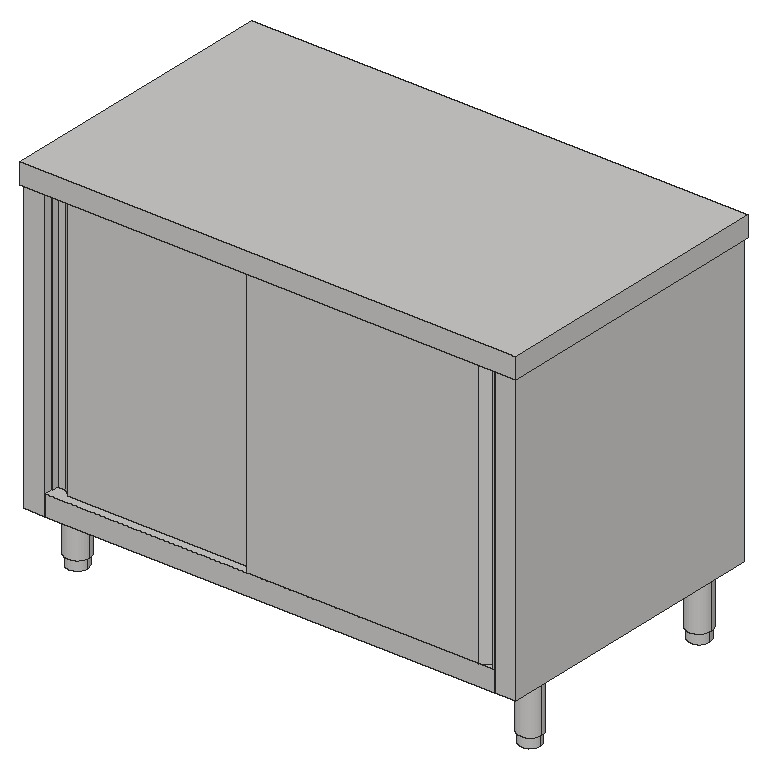
Revit family "QF_ELECTROLUXPROFESSIONAL_132771_MTN1200PN", category Specialty Equipment, Revit 2021
Family settings
  Round Connector Dimension = Use Diameter
  Part Type = Normal
  Work Plane-Based = No
  Always vertical = Yes
  Cut with Voids When Loaded = No
  Shared = No
  Room Calculation Point = No
Parameters (values of type "Standard")
  Weight = 55.00 kg
  Watts = 0 W
  Volts = 0 V
  URL Manufacturer = "http://www.electroluxprofessional.com"
  URL = "http://www.electroluxprofessional.com"
  Steam Supply Size = 0 mm
  Steam Supply Minimum Pressure = 0.0 Pa
  Steam Supply Maximum Pressure = 0.0 Pa
  Steam Consumption per Hour = 0
  Refrigeration Suction Line Size = 0.0 mm
  Refrigeration Liquid Line Size = 0.0 mm
  Refrigerant Compressor Remote = yes
  Default Elevation = 0.0 mm
  Manufacturer = "Electrolux Professional"
  Phase = 0
  Model = "MTN1200PN"
  Length Actual = 1200.0 mm
  Item Number = "132771"
  Hot Water Size = 0 mm
  Height Actual = 900.0 mm
  HP = "0 HP"
  Gas Size = 0 mm
  Gas KW = 0
  Gas Input Pressure = 0 W
  Direct Waste Size = 0 mm
  Description = "WORKTOP CUPB.+SHELF+SLIDING DOORS 1200MM"
  Depth Actual = 700.0 mm
  Cycle = 0 Hz
  Condensate Return Size = 0 mm
  Compressed Air Volume = 0.0 L/s
  Compressed Air Size = 0 mm
  Compressed Air Pressure = 0.0 Pa
  Cold Water Size = 0 mm
  Accessory = no
Reference planes
  plane 1 "Center (Front/Back)": y = 0
  plane 2: z = 0
  plane 3 "Center (Left/Right)": x = -100
  plane 4 "LEFT": x = -700
  plane 5 "RIGHT": x = 500
  plane 6 "BACK": y = 350
  plane 7 "FRONT": y = -350
  plane 8 "Base": z = 850
  plane 9 "TOP": z = 900
  plane 10: x = -646.9
  plane 11: x = 446.9
  plane 12: y = 270
  plane 13: y = -241.9
  plane 14 "BodyLeft": x = -694.5
  plane 15 "BodyFront": y = -344.5
  plane 16 "BodyRight": x = 494.5
  plane 17 "BodyBack": y = 344.5
  plane 18 "FEET": z = 150
  plane 19: x = -44.5
  plane 20: x = -155.5
Forms (mm)
  Extrusion 1, solid, material "QF_Finishes_Stainless Steel"
    sketch origin (-100, 0, 0) x (0, 1, 0) y (0, 0, 1)
      loop
        line (-350, 850) -> (350, 850) -> (350, 900) -> (-350, 900) -> (-350, 850)
    from 600 to -600
  Extrusion 2, solid, material "QF_Finishes_Stainless Steel"
    sketch origin (0, 0, 150) x (-1, 0, 0) y (0, -1, 0)
      loop
        line (694.5, -344.5) -> (694.5, 344.5) -> (644.5, 344.5) -> (644.5, -344.5) -> (694.5, -344.5)
      loop
        line (-444.5, -344.5) -> (-444.5, 344.5) -> (-494.5, 344.5) -> (-494.5, -344.5) -> (-444.5, -344.5)
    from 0 to 700
  Extrusion 3, solid, material "QF_Finishes_Stainless Steel"
    sketch origin (0, 0, 150) x (-1, 0, 0) y (0, -1, 0)
      loop
        line (643.585, -344.5) -> (643.585, 344.5) -> (-444.5, 344.5) -> (-444.5, -344.5) -> (643.585, -344.5)
    from 0 to 50
  Extrusion 4, solid, material "QF_Finishes_Stainless Steel"
    sketch origin (0, 0, 150) x (-1, 0, 0) y (0, -1, 0)
      loop
        line (643.585, -344.5) -> (643.585, -294.5) -> (-444.5, -294.5) -> (-444.5, -344.5) -> (643.585, -344.5)
    from 50 to 700
  Extrusion 5, solid, material "QF_Finishes_Stainless Steel"
    sketch origin (0, 0, 150) x (-1, 0, 0) y (0, -1, 0)
      loop
        line (-444.5, 344.5) -> (-444.5, 324.5) -> (155.5, 324.5) -> (155.5, 344.5) -> (-404.5, 344.5) -> (-424.5, 329.5) -> (-439.5, 329.5) -> (-439.5, 344.5) -> (-444.5, 344.5)
    from 50 to 700
  Extrusion 6, solid, material "QF_Finishes_Stainless Steel"
    sketch origin (0, 20, 150) x (1, 0, 0) y (0, 1, 0)
      loop
        line (-644.5, -344.5) -> (-639.5, -344.5) -> (-639.5, -329.5) -> (-624.5, -329.5) -> (-604.5, -344.5) -> (-44.5, -344.5) -> (-44.5, -324.5) -> (-644.5, -324.5) -> (-644.5, -344.5)
    from 50 to 700
Lines and regions (mm)
  symbolic lines
    curve 1: line (500, 350, 900) -> (-700, 350, 900)
    curve 2: line (-700, 350, 900) -> (-700, -350, 900)
    curve 3: line (-700, -350, 900) -> (500, -350, 900)
    curve 4: line (500, -350, 900) -> (500, 350, 900)
  symbolic lines, style "SpecialityEquipmentHiddenLines"
    curve 5: line (-694.5, 344.5, 150) -> (494.5, 344.5, 150)
    curve 6: line (-694.5, -344.5, 150) -> (-694.5, 344.5, 150)
    curve 7: line (494.5, -344.5, 150) -> (-694.5, -344.5, 150)
    curve 8: line (494.5, 344.5, 150) -> (494.5, -344.5, 150)
    curve 9: line (-644.5, -304.5, 150) -> (-44.5, -304.5, 150)
    curve 10: line (-44.5, -304.5, 150) -> (-44.5, -324.5, 150)
    curve 11: line (-644.5, -324.5, 150) -> (444.5, -324.5, 150)
    curve 12: line (444.5, -324.5, 150) -> (444.5, -344.5, 150)
    curve 13: line (-155.5, -324.5, 150) -> (-155.5, -344.5, 150)
    curve 14: line (-644.5, -304.5, 150) -> (-644.5, -324.5, 150)
Dimensions and locks
  plane 4 "LEFT" to plane 5 "RIGHT" = 1200.0 mm
  equal spacing: plane 4 "LEFT", plane 3 "Center (Left/Right)", plane 5 "RIGHT"
  locked: plane 8 "Base" to level at 850
  plane 9 "TOP" to level = 900.0 mm
  plane 6 "BACK" to plane 7 "FRONT" = 700.0 mm
  equal spacing: plane 6 "BACK", plane 1 "Center (Front/Back)", plane 7 "FRONT"
  locked: plane 4 "LEFT" to plane 14 "BodyLeft" at 5.5
  locked: plane 16 "BodyRight" to plane 5 "RIGHT" at 5.5
  locked: plane 15 "BodyFront" to plane 7 "FRONT" at 5.5
  locked: plane 6 "BACK" to plane 17 "BodyBack" at 5.5
  locked: plane 14 "BodyLeft" to plane 10 at 47.6
  locked: plane 11 to plane 16 "BodyRight" at 47.6
  locked: plane 13 to plane 15 "BodyFront" at 102.6
  locked: plane 17 "BodyBack" to plane 12 at 74.5
  plane 10 to plane 11 = 1093.8 mm
  plane 12 to plane 13 = 511.9 mm
  locked: plane 14 "BodyLeft" to Extrusion 2 sketch curve at 50
  locked: Extrusion 2 sketch curve to Extrusion 2 sketch curve at 50
  Extrusion 3 to Extrusion 4 sketch curve = 50.0 mm
  Extrusion 2 to plane 19 = 600.0 mm
  plane 20 to Extrusion 2 = 600.0 mm
  locked: plane 18 "FEET" to level at 150
  aligned and locked: level to plane 2
  aligned and locked: plane 10 to nested 1
  aligned and locked: nested 1 to plane 13
  aligned and locked: plane 11 to nested 2
  aligned and locked: nested 2 to plane 13
  aligned and locked: plane 11 to nested 4
  aligned and locked: nested 4 to plane 12
  aligned and locked: plane 10 to nested 3
  aligned and locked: nested 3 to plane 12
  aligned and locked: Extrusion 1 to plane 4 "LEFT"
  aligned and locked: plane 5 "RIGHT" to Extrusion 1
  aligned and locked: curve 2 to plane 4 "LEFT"
  aligned and locked: plane 17 "BodyBack" to Extrusion 2 sketch curve
  aligned and locked: Extrusion 2 sketch curve to plane 15 "BodyFront"
  aligned and locked: Extrusion 2 sketch curve to plane 14 "BodyLeft"
  aligned and locked: plane 16 "BodyRight" to Extrusion 2 sketch curve
  aligned and locked: Extrusion 2 sketch curve to plane 17 "BodyBack"
  aligned and locked: plane 15 "BodyFront" to Extrusion 2 sketch curve
  aligned and locked: Extrusion 3 sketch curve to plane 17 "BodyBack"
  aligned and locked: plane 15 "BodyFront" to Extrusion 3 sketch curve
  aligned and locked: plane 8 "Base" to Extrusion 2
  aligned and locked: Extrusion 4 sketch curve to Extrusion 3
  aligned and locked: plane 8 "Base" to Extrusion 5
  aligned and locked: Extrusion 5 to Extrusion 3
  aligned and locked: Extrusion 6 sketch curve to plane 19
  aligned and locked: Extrusion 5 sketch curve to plane 20
  aligned and locked: Extrusion 1 to plane 8 "Base"
  aligned and locked: plane 9 "TOP" to Extrusion 1
  aligned and locked: curve 5 to plane 17 "BodyBack"
  aligned and locked: plane 14 "BodyLeft" to curve 6
  aligned and locked: plane 15 "BodyFront" to curve 7
  aligned and locked: plane 16 "BodyRight" to curve 8
Automatic sketch dimensions
  curve 3 to plane 7 "FRONT" = 0.0 mm
  curve 4 to plane 6 "BACK" = 0.0 mm
  Extrusion 1 sketch curve to plane 7 "FRONT" = 0.0 mm
  plane 9 "TOP" to Extrusion 1 sketch curve = 0.0 mm
  Extrusion 1 sketch curve to plane 6 "BACK" = 0.0 mm
  Extrusion 1 sketch curve to plane 8 "Base" = 0.0 mm
  Extrusion 5 sketch curve to plane 15 "BodyFront" = 0.0 mm  (x2)
  Extrusion 5 sketch curve to plane 11 = 2.4 mm
  Extrusion 5 sketch curve to Extrusion 5 sketch curve = 5.0 mm
  Extrusion 5 sketch curve to Extrusion 5 sketch curve = 15.0 mm
  Extrusion 5 sketch curve to Extrusion 5 sketch curve = 20.0 mm
  plane 15 "BodyFront" to Extrusion 5 sketch curve = 15.0 mm
  plane 15 "BodyFront" to Extrusion 5 sketch curve = 20.0 mm
  Extrusion 6 sketch curve to plane 15 "BodyFront" = 20.0 mm  (x2)
  Extrusion 6 sketch curve to plane 10 = 2.4 mm
  Extrusion 6 sketch curve to Extrusion 6 sketch curve = 5.0 mm
  Extrusion 6 sketch curve to Extrusion 6 sketch curve = 15.0 mm
  Extrusion 6 sketch curve to Extrusion 6 sketch curve = 20.0 mm  (x2)
  Extrusion 6 sketch curve to plane 15 "BodyFront" = 35.0 mm
  Extrusion 3 sketch curve to plane 11 = 2.4 mm
  plane 10 to Extrusion 3 sketch curve = 3.315 mm
  Extrusion 4 sketch curve to plane 11 = 2.4 mm
  plane 10 to Extrusion 4 sketch curve = 3.315 mm
  curve 10 to plane 19 = 0.0 mm
  curve 13 to plane 20 = 0.0 mm
  curve 11 to plane 11 = 2.4 mm
  plane 15 "BodyFront" to curve 9 = 40.0 mm
  curve 12 to curve 12 = 20.0 mm
  plane 10 to curve 14 = 2.4 mm
  curve 4 to plane 5 "RIGHT" = 0.0 mm
Nested families
  nested 1: "FEET_D58-150" at (-646.9, -241.9, 0), type "FEET_D58-150"
  nested 2: "FEET_D58-150" at (446.9, -241.9, 0), type "FEET_D58-150"
  nested 3: "FEET_D58-150" at (-646.9, 270, 0), type "FEET_D58-150"
  nested 4: "FEET_D58-150" at (446.9, 270, 0), type "FEET_D58-150"
Definition of nested family "FEET_D58-150"
  Parameters
    Default Elevation = 0.0 mm
    FEET = 150.0 mm
  Reference planes
    plane 1 "Center (Front/Back)": y = 0
    plane 2: z = 0
    plane 3 "Center (Left/Right)": x = 0
    plane 4: z = 150
  Forms (mm)
    Extrusion 1, solid
      sketch origin (0, 0, 0) x (1, 0, 0) y (0, 1, 0)
        loop
          circle (0, 0) r 25
      from 0 to 25
    Extrusion 2, solid
      sketch origin (0, 0, 0) x (1, 0, 0) y (0, 1, 0)
        loop
          circle (0.061, 0) r 29
      from 25 to 150 <- "FEET"
  Lines and regions (mm)
    symbolic lines
      curve 1: line (0, -1.503, 0) -> (0, 1.508, 0)
      curve 2: line (1.561, 0, 0) -> (-1.439, 0, 0)
  Dimensions and locks
    "FEET": plane 4 to plane 2
    aligned and locked: level to plane 2
  Automatic sketch dimensions
    plane 1 "Center (Front/Back)" to Extrusion 1 sketch curve = 0.0 mm
    Extrusion 1 sketch curve to plane 3 "Center (Left/Right)" = 0.0 mm
    plane 1 "Center (Front/Back)" to curve 2 = 0.0 mm
    curve 1 to plane 3 "Center (Left/Right)" = 0.0 mm
    curve 2 to plane 3 "Center (Left/Right)" = 1.439 mm
    plane 3 "Center (Left/Right)" to curve 2 = 1.561 mm
    plane 1 "Center (Front/Back)" to curve 1 = 1.503 mm
    curve 1 to plane 1 "Center (Front/Back)" = 1.508 mm
    plane 1 "Center (Front/Back)" to Extrusion 2 sketch curve = 0.0 mm
    plane 3 "Center (Left/Right)" to Extrusion 2 sketch curve = 0.061 mm
    radius of Extrusion 1 sketch curve = 25.0 mm
    radius of Extrusion 2 sketch curve = 29.0 mm
